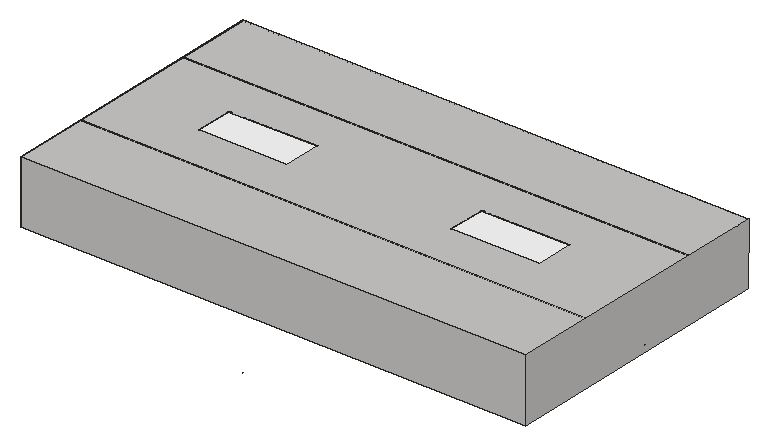
Revit family "QF_ELECTROLUXPROFESSIONAL_642047_EC2240T", category Specialty Equipment, Revit 2014
Reference planes
  plane 1: z = 0
  plane 2 "Center (Left/Right)": x = 150
  plane 3 "LEFT": x = -1850
  plane 4 "RIGHT": x = 2150
  plane 5 "BACK": y = 550
  plane 6 "TOP": z = 2500
  plane 7 "Base": z = 2000
  plane 8: z = 1946
  plane 9: x = -1847
  plane 10 "DrainX": x = 1999
  plane 11 "AOLeft2": x = -500
  plane 12 "AORight1": x = 800
  plane 13: x = 2147
  plane 14: x = -1650
  plane 15: x = 1950
  plane 16: x = 50
  plane 17: x = 250
  plane 18 "AOLeft1": x = -1200
  plane 19 "AORight2": x = 1500
  plane 20: y = -400
  plane 21: through (0, -127.846, 2402.468) normal (0, -0.753, 0.6581)
  plane 22: through (0, -972.152, 2402.468) normal (0, -0.753, -0.6581)
  plane 23: y = -700
  plane 24 "Center (Front/Back)": y = -550
  plane 25: y = -1650
Forms (mm)
  Extrusion 1, solid, material "QF_Finishes_Stainless Steel"
    sketch origin (-1850, 0, 360) x (0, 1, 0) y (0, 0, 1)
      loop
        line (550, 1640) -> (550, 2140) -> (-1650, 2140) -> (-1650, 1640) -> (550, 1640)
    from 0 to 3
  Extrusion 2, solid, material "QF_Finishes_Stainless Steel"
    sketch origin (2150, 0, 360) x (0, 1, 0) y (0, 0, 1)
      loop
        line (550, 1640) -> (550, 2140) -> (-1650, 2140) -> (-1650, 1640) -> (550, 1640)
    from 0 to -3
  Extrusion 3, solid, material "QF_Finishes_Stainless Steel"
    sketch origin (150, 0, 360) x (0, 1, 0) y (0, 0, 1)
      loop
        line (-1650, 2140) -> (-1650, 1640) -> (-1640, 1640) -> (-1640, 1640.8) -> (-1649.2, 1640.8) -> (-1649.2, 2139.19) -> (549.2, 2139.19) -> (549.2, 1640.8) -> (540, 1640.8) -> (540, 1640) -> (550, 1640) -> (550, 2140) -> (-1650, 2140)
    from -2000 to 2000
  Extrusion 4, void
    sketch origin (0, 0, 2500) x (0, 1, 0) y (-1, 0, 0)
      loop
        line (-400, 500) -> (-400, 1200) -> (-700, 1200) -> (-700, 500) -> (-400, 500)
    from 0 to -10
  Extrusion 5, solid, material "QF_Finishes_Stainless Steel"
    sketch origin (0, 0, 0) x (1, 0, 0) y (0, 1, 0)
      loop
        line (-1850, 550) -> (-1850, 549) -> (-1849, 549) -> (-1849, 550) -> (-1850, 550)
    from 0 to 1
  Extrusion 6, solid, material "QF_Finishes_Stainless Steel"
    sketch origin (150, -400, 360) x (0, 1, 0) y (0, 0, 1)
      loop
        line (-79.471, 1685.734) -> (-56.882, 1665.992) -> (272.154, 2042.468) -> (249.566, 2062.21) -> (-79.471, 1685.734)
      loop
        line (-572.152, 2042.468) -> (-243.115, 1665.992) -> (-220.526, 1685.734) -> (-549.563, 2062.21) -> (-572.152, 2042.468)
    from -1800 to -1997
  Extrusion 7, solid, material "QF_Finishes_Stainless Steel"
    sketch origin (150, -400, 360) x (0, 1, 0) y (0, 0, 1)
      loop
        line (360.354, 2141.454) -> (357.903, 2143.511) -> (264.331, 2031.996) -> (266.169, 2030.453) -> (357.41, 2139.19) -> (358.454, 2139.19) -> (360.354, 2141.454)
      loop
        line (-560.354, 2022.279) -> (-557.903, 2024.336) -> (-564.331, 2031.996) -> (-566.169, 2030.453) -> (-657.41, 2139.19) -> (-658.454, 2139.19) -> (-560.354, 2022.279)
      loop
        arc (-83.944, 1704.554) -> (-84.545, 1704.706) -> (-85.077, 1704.389) r 0.81
        line (-85.077, 1704.389) -> (-99.535, 1684.991) -> (-116.611, 1687.002) -> (-113.609, 1712.615) -> (-114.407, 1712.708) -> (-117.406, 1687.095)
        arc (-117.406, 1687.095) -> (-117.237, 1686.499) -> (-116.695, 1686.197) r 0.81
        line (-116.695, 1686.197) -> (-99.628, 1684.196)
        arc (-99.628, 1684.196) -> (-99.213, 1684.257) -> (-98.884, 1684.517) r 0.81
        line (-98.884, 1684.517) -> (-84.436, 1703.911) -> (-73.692, 1695.919) -> (-99.855, 1660.79) -> (-200.145, 1660.79) -> (-226.308, 1695.919) -> (-215.564, 1703.911) -> (-201.116, 1684.517)
        arc (-201.116, 1684.517) -> (-200.787, 1684.257) -> (-200.372, 1684.196) r 0.81
        line (-200.372, 1684.196) -> (-183.305, 1686.197)
        arc (-183.305, 1686.197) -> (-182.763, 1686.499) -> (-182.594, 1687.095) r 0.81
        line (-182.594, 1687.095) -> (-185.593, 1712.708) -> (-186.391, 1712.615) -> (-183.389, 1687.002) -> (-200.465, 1684.991) -> (-214.923, 1704.389)
        arc (-214.923, 1704.389) -> (-215.455, 1704.706) -> (-216.056, 1704.554) r 0.81
        line (-216.056, 1704.554) -> (-226.786, 1696.561)
        arc (-226.786, 1696.561) -> (-227.103, 1696.028) -> (-226.951, 1695.427) r 0.81
        line (-226.951, 1695.427) -> (-200.843, 1660.381)
        arc (-200.843, 1660.381) -> (-200.5, 1660.093) -> (-200.063, 1659.99) r 0.972
        line (-200.063, 1659.99) -> (-99.951, 1659.99)
        arc (-99.951, 1659.99) -> (-99.502, 1660.096) -> (-99.149, 1660.393) r 1
        line (-99.149, 1660.393) -> (-73.049, 1695.427)
        arc (-73.049, 1695.427) -> (-72.897, 1696.028) -> (-73.214, 1696.561) r 0.81
        line (-73.214, 1696.561) -> (-83.944, 1704.554)
    from -1997 to 1997
  Extrusion 8, solid, material "QF_Finishes_Stainless Steel"
    sketch origin (150, -400, 360) x (0, 1, 0) y (0, 0, 1)
      loop
        line (272.154, 2042.468) -> (249.566, 2062.21) -> (-79.471, 1685.734) -> (-56.882, 1665.992) -> (272.154, 2042.468)
      loop
        line (-572.154, 2042.468) -> (-243.118, 1665.992) -> (-220.529, 1685.734) -> (-549.566, 2062.21) -> (-572.154, 2042.468)
    from 1997 to 1800
  Extrusion 9, solid, material "QF_Finishes_Stainless Steel"
    sketch origin (150, -400, 360) x (0, 1, 0) y (0, 0, 1)
      loop
        line (272.154, 2042.468) -> (249.566, 2062.21) -> (-79.471, 1685.734) -> (-56.882, 1665.992) -> (272.154, 2042.468)
      loop
        line (-572.154, 2042.468) -> (-243.118, 1665.992) -> (-220.529, 1685.734) -> (-549.566, 2062.21) -> (-572.154, 2042.468)
    from -100 to 100
  Extrusion 10, solid, material "QF_Finished_Chrome"
    sketch origin (150, -400, 360) x (0, 1, 0) y (0, 0, 1)
      loop
        line (249.566, 2062.21) -> (-79.471, 1685.734) -> (-56.882, 1665.992) -> (272.154, 2042.468) -> (249.566, 2062.21)
      loop
        line (-549.566, 2062.21) -> (-572.154, 2042.468) -> (-243.118, 1665.992) -> (-220.529, 1685.734) -> (-549.566, 2062.21)
    from -1800 to -100
  Extrusion 11, solid, material "QF_Finished_Chrome"
    sketch origin (150, -400, 360) x (0, 1, 0) y (0, 0, 1)
      loop
        line (272.154, 2042.468) -> (249.566, 2062.21) -> (-79.471, 1685.734) -> (-56.882, 1665.992) -> (272.154, 2042.468)
      loop
        line (-572.154, 2042.468) -> (-243.118, 1665.992) -> (-220.529, 1685.734) -> (-549.566, 2062.21) -> (-572.154, 2042.468)
    from 100 to 1800
  Sweep 12, solid, material "QF_Finishes_Stainless Steel"
    path origin (0, 0, 0) x (1, 0, 0) y (0, 1, 0)
      loop
        line (2150, 550) -> (-1850, 550) -> (-1850, -1650) -> (2150, -1650) -> (2150, 550)
    profile origin (2150, -550, 0) x (1, 0, 0) y (0, 0, 1)
      loop
        line (-3, 2000) -> (-3, 2000.8) -> (-19, 2000.8) -> (-19, 2010) -> (-20, 2010) -> (-20, 2000) -> (-3, 2000)
  Extrusion 13, void
    sketch origin (0, 0, 2500) x (0, 1, 0) y (-1, 0, 0)
      loop
        line (-400, -1500) -> (-400, -800) -> (-700, -800) -> (-700, -1500) -> (-400, -1500)
    from 0 to -10
  Extrusion 14, solid, material "QF_Finishes_Stainless Steel"
    sketch origin (1999, 0, 0) x (0, 1, 0) y (0, 0, 1)
      loop
        arc (-518.5, 1946) -> (-511.429, 1948.929) -> (-508.5, 1956) r 10
        line (-508.5, 1956) -> (-508.5, 2000.8) -> (-591.5, 2000.8) -> (-591.5, 1956)
        arc (-591.5, 1956) -> (-588.571, 1948.929) -> (-581.5, 1946) r 10
        line (-581.5, 1946) -> (-518.5, 1946)
    from -90 to 90
  Extrusion 15, solid, material "QF_Finishes_Stainless Steel"
    sketch origin (0, -1100, 2000) x (0, 1, 0) y (-1, 0, 0)
      loop
        circle (550, -1999) r 6.35
    from -3.799 to 0
Cuts and joins
  Extrusion 4, Extrusion 13 cuts Extrusion 3
  joined: Extrusion 2, Extrusion 3, Sweep 12
Lines and regions (mm)
  symbolic lines, style "SpecialityEquipment", detail levels coarse
    curve 1: line (2150, 550, 2500) -> (-1850, 550, 2500)
    curve 2: line (-1850, 550, 2500) -> (-1850, -1640, 2500)
    curve 3: line (2150, -1650, 2500) -> (2150, 550, 2500)
    curve 4: line (-1850, 550, 0) -> (2150, -1650, 0)
    curve 5: line (2150, 550, 0) -> (-1847, -1650, 0)
  symbolic lines, detail levels coarse
    curve 6: line (-1847, -1650, 0) -> (2150, -1650, 0)
    curve 7: line (-1200, -700, 0) -> (-500, -700, 0)
    curve 8: line (-1200, -400, 0) -> (-1200, -700, 0)
    curve 9: line (-500, -400, 0) -> (-1200, -400, 0)
    curve 10: line (-500, -700, 0) -> (-500, -400, 0)
    curve 11: line (800, -400, 0) -> (800, -700, 0)
    curve 12: line (1500, -400, 0) -> (800, -400, 0)
    curve 13: line (1500, -700, 0) -> (1500, -400, 0)
    curve 14: line (800, -700, 0) -> (1500, -700, 0)
Dimensions and locks
  plane 3 "LEFT" to plane 4 "RIGHT" = 4000 mm
  equal spacing: plane 3 "LEFT", plane 2 "Center (Left/Right)", plane 4 "RIGHT"
  plane 3 "LEFT" to plane 9 = 3 mm
  plane 10 "DrainX" to plane 4 "RIGHT" = 151 mm
  plane 13 to plane 4 "RIGHT" = 3 mm
  plane 3 "LEFT" to plane 14 = 200 mm
  plane 15 to plane 4 "RIGHT" = 200 mm
  locked: plane 11 "AOLeft2" to plane 12 "AORight1" at 1300
  equal spacing: plane 11 "AOLeft2", plane 2 "Center (Left/Right)", plane 12 "AORight1"
  locked: plane 7 "Base" to level at 2000
  locked: plane 16 to plane 17 at 200
  equal spacing: plane 16, plane 2 "Center (Left/Right)", plane 17
  plane 18 "AOLeft1" to plane 11 "AOLeft2" = 700 mm
  plane 12 "AORight1" to plane 19 "AORight2" = 700 mm
  plane 7 "Base" to plane 8 = 54 mm
  locked: plane 6 "TOP" to plane 7 "Base" at 500
  plane 5 "BACK" to plane 25 = 2200 mm  (x2)
  equal spacing: plane 5 "BACK", plane 24 "Center (Front/Back)", plane 25
  plane 23 to plane 20 = 300 mm
  equal spacing: plane 23, plane 24 "Center (Front/Back)", plane 20
  aligned and locked: level to plane 1
  aligned and locked: plane 4 "RIGHT" to Extrusion 3
  aligned and locked: Extrusion 3 to plane 3 "LEFT"
  aligned and locked: Extrusion 6 to plane 9
  aligned and locked: plane 14 to Extrusion 6
  aligned and locked: Extrusion 2 to plane 13
  aligned and locked: plane 13 to Extrusion 8
  aligned and locked: plane 15 to Extrusion 8
  aligned and locked: plane 17 to Extrusion 9
  aligned and locked: Extrusion 9 to plane 16
  aligned and locked: plane 16 to Extrusion 10
  aligned and locked: Extrusion 10 to plane 14
  aligned and locked: Extrusion 11 to plane 17
  aligned and locked: Extrusion 11 to plane 15
  aligned and locked: Extrusion 7 to plane 9
  aligned and locked: Extrusion 7 to plane 13
  aligned and locked: Extrusion 4 to plane 18 "AOLeft1"
  aligned and locked: Extrusion 4 to plane 11 "AOLeft2"
  aligned and locked: plane 12 "AORight1" to Extrusion 13
  aligned and locked: plane 19 "AORight2" to Extrusion 13
  aligned and locked: plane 23 to Extrusion 13
  aligned and locked: plane 23 to Extrusion 4
  aligned and locked: plane 20 to Extrusion 13
  aligned and locked: plane 20 to Extrusion 4
  aligned and locked: curve 7 to Extrusion 4
  aligned and locked: curve 8 to Extrusion 4
  aligned and locked: curve 9 to Extrusion 4
  aligned and locked: curve 10 to Extrusion 4
  aligned and locked: curve 11 to Extrusion 13
  aligned and locked: curve 12 to Extrusion 13
  aligned and locked: curve 13 to Extrusion 13
  aligned and locked: curve 14 to Extrusion 13
Automatic sketch dimensions
  Extrusion 1 sketch curve to plane 7 "Base" = 0 mm
  Extrusion 1 sketch curve to plane 5 "BACK" = 0 mm
  Extrusion 1 sketch curve to plane 6 "TOP" = 0 mm
  Extrusion 2 sketch curve to plane 7 "Base" = 0 mm
  Extrusion 2 sketch curve to plane 5 "BACK" = 0 mm
  Extrusion 2 sketch curve to plane 6 "TOP" = 0 mm
  Extrusion 3 sketch curve to plane 6 "TOP" = 0 mm
  Extrusion 3 sketch curve to plane 7 "Base" = 0 mm  (x2)
  Extrusion 3 sketch curve to plane 5 "BACK" = 0 mm
  Extrusion 3 sketch curve to Extrusion 3 sketch curve = 9.2 mm
  plane 7 "Base" to Extrusion 3 sketch curve = 0.8 mm  (x2)
  Extrusion 3 sketch curve to plane 5 "BACK" = 10 mm
  Extrusion 3 sketch curve to plane 5 "BACK" = 0.8 mm
  Extrusion 3 sketch curve to plane 6 "TOP" = 0.81 mm
  Extrusion 4 sketch curve to plane 11 "AOLeft2" = 0 mm
  Extrusion 4 sketch curve to plane 18 "AOLeft1" = 0 mm
  Extrusion 5 sketch curve to plane 3 "LEFT" = 0 mm
  Extrusion 5 sketch curve to plane 5 "BACK" = 0 mm
  plane 3 "LEFT" to Extrusion 5 sketch curve = 1 mm
  Extrusion 5 sketch curve to Extrusion 5 sketch curve = 1 mm
  Sweep 12 sketch curve to plane 3 "LEFT" = 0 mm
  Sweep 12 sketch curve to plane 4 "RIGHT" = 0 mm
  Sweep 12 sketch curve to plane 5 "BACK" = 0 mm
  profile plane to Sweep 12 sketch curve = 20 mm
  Sweep 12 sketch curve to Sweep 12 sketch curve = 1 mm
  profile plane to Sweep 12 sketch curve = 3 mm
  level to Sweep 12 sketch curve = 2000 mm
  Sweep 12 sketch curve to Sweep 12 sketch curve = 0.8 mm
  Sweep 12 sketch curve to Sweep 12 sketch curve = 9.2 mm
  Extrusion 13 sketch curve to plane 11 "AOLeft2" = 2000 mm
  plane 18 "AOLeft1" to Extrusion 13 sketch curve = 2000 mm
  Extrusion 13 sketch curve to Extrusion 13 sketch curve = 300 mm
  Extrusion 3 sketch curve to Extrusion 3 sketch curve = 0.8 mm
  Extrusion 6 sketch curve to plane 21 = 0 mm  (x2)
  Extrusion 6 sketch curve to plane 6 "TOP" = 77.79 mm  (x2)
  plane 7 "Base" to Extrusion 6 sketch curve = 25.992 mm  (x2)
  plane 7 "Base" to Extrusion 6 sketch curve = 45.734 mm
  Extrusion 6 sketch curve to plane 22 = 0 mm
  plane 22 to Extrusion 6 sketch curve = 0 mm
  Extrusion 10 sketch curve to plane 21 = 0 mm  (x2)
  Extrusion 10 sketch curve to plane 6 "TOP" = 77.79 mm  (x2)
  Extrusion 10 sketch curve to Extrusion 10 sketch curve = 22.589 mm
  plane 7 "Base" to Extrusion 10 sketch curve = 25.992 mm  (x2)
  Extrusion 9 sketch curve to plane 21 = 0 mm  (x2)
  Extrusion 9 sketch curve to plane 6 "TOP" = 77.79 mm  (x2)
  Extrusion 9 sketch curve to Extrusion 9 sketch curve = 22.589 mm
  plane 7 "Base" to Extrusion 9 sketch curve = 25.992 mm  (x2)
  Extrusion 11 sketch curve to plane 21 = 0 mm  (x2)
  Extrusion 11 sketch curve to plane 6 "TOP" = 77.79 mm  (x2)
  Extrusion 11 sketch curve to Extrusion 11 sketch curve = 22.589 mm
  plane 7 "Base" to Extrusion 11 sketch curve = 25.992 mm  (x2)
  Extrusion 8 sketch curve to plane 21 = 0 mm  (x2)
  Extrusion 8 sketch curve to plane 6 "TOP" = 77.79 mm  (x2)
  Extrusion 8 sketch curve to Extrusion 8 sketch curve = 22.589 mm
  plane 7 "Base" to Extrusion 8 sketch curve = 25.992 mm  (x2)
  plane 7 "Base" to Extrusion 8 sketch curve = 45.734 mm
  plane 7 "Base" to Extrusion 9 sketch curve = 45.734 mm
  plane 7 "Base" to Extrusion 10 sketch curve = 45.734 mm
  plane 7 "Base" to Extrusion 11 sketch curve = 45.734 mm
  Extrusion 13 sketch curve to plane 20 = 0 mm
  plane 23 to Extrusion 1 sketch curve = 950 mm
  plane 23 to Extrusion 2 sketch curve = 950 mm
  plane 23 to Extrusion 3 sketch curve = 940 mm
  plane 23 to Sweep 12 sketch curve = 950 mm
  plane 23 to Extrusion 4 sketch curve = 0 mm
  Extrusion 4 sketch curve to plane 20 = 0 mm
  plane 23 to Extrusion 6 sketch curve = 249.563 mm
  Extrusion 8 sketch curve to plane 23 = 79.471 mm
  plane 23 to Extrusion 8 sketch curve = 249.566 mm
  Extrusion 9 sketch curve to plane 23 = 79.471 mm
  plane 23 to Extrusion 9 sketch curve = 249.566 mm
  Extrusion 10 sketch curve to plane 23 = 79.471 mm
  plane 23 to Extrusion 10 sketch curve = 249.566 mm
  Extrusion 11 sketch curve to plane 23 = 79.471 mm
  plane 23 to Extrusion 11 sketch curve = 249.566 mm
  Extrusion 15 sketch curve to plane 10 "DrainX" = 0 mm
  Extrusion 15 sketch curve to plane 24 "Center (Front/Back)" = 0 mm
  Extrusion 14 sketch curve to plane 8 = 0 mm
  plane 8 to Extrusion 14 sketch curve = 10 mm
  Extrusion 14 sketch curve to plane 24 "Center (Front/Back)" = 41.5 mm
  plane 24 "Center (Front/Back)" to Extrusion 14 sketch curve = 31.5 mm
  plane 7 "Base" to Extrusion 14 sketch curve = 0.8 mm
  plane 24 "Center (Front/Back)" to Extrusion 14 sketch curve = 41.5 mm
  Extrusion 7 sketch curve to plane 6 "TOP" = 0.81 mm  (x2)
  plane 23 to Extrusion 7 sketch curve = 358.454 mm
  Extrusion 7 sketch curve to Extrusion 7 sketch curve = 1.044 mm  (x2)
  Extrusion 7 sketch curve to plane 6 "TOP" = 109.547 mm  (x2)
  Extrusion 7 sketch curve to Extrusion 7 sketch curve = 91.241 mm
  Extrusion 7 sketch curve to plane 6 "TOP" = 108.004 mm  (x2)
  Extrusion 7 sketch curve to plane 6 "TOP" = 117.721 mm
  Extrusion 7 sketch curve to plane 23 = 73.049 mm
  Extrusion 7 sketch curve to Extrusion 7 sketch curve = 0.166 mm
  Extrusion 7 sketch curve to Extrusion 7 sketch curve = 0.478 mm  (x4)
  Extrusion 7 sketch curve to Extrusion 7 sketch curve = 0.006 mm  (x4)
  Extrusion 7 sketch curve to Extrusion 7 sketch curve = 10.73 mm  (x2)
  Extrusion 7 sketch curve to Extrusion 7 sketch curve = 0.484 mm  (x4)
  Extrusion 7 sketch curve to Extrusion 7 sketch curve = 0.008 mm  (x4)
  Extrusion 7 sketch curve to Extrusion 7 sketch curve = 0.641 mm  (x2)
  Extrusion 7 sketch curve to Extrusion 7 sketch curve = 14.448 mm
  plane 7 "Base" to Extrusion 7 sketch curve = 20.381 mm
  Extrusion 7 sketch curve to Extrusion 7 sketch curve = 0.273 mm
  Extrusion 7 sketch curve to Extrusion 7 sketch curve = 0.65 mm  (x2)
  Extrusion 7 sketch curve to Extrusion 7 sketch curve = 0.001 mm  (x4)
  Extrusion 7 sketch curve to Extrusion 7 sketch curve = 0.093 mm  (x2)
  plane 7 "Base" to Extrusion 7 sketch curve = 20.79 mm
  Extrusion 7 sketch curve to Extrusion 7 sketch curve = 0.698 mm
  Extrusion 7 sketch curve to Extrusion 7 sketch curve = 0.081 mm
  Extrusion 7 sketch curve to Extrusion 7 sketch curve = 28.531 mm
  Extrusion 7 sketch curve to Extrusion 7 sketch curve = 0.799 mm  (x2)
  Extrusion 7 sketch curve to Extrusion 7 sketch curve = 17.067 mm  (x2)
  Extrusion 7 sketch curve to Extrusion 7 sketch curve = 0.01 mm  (x4)
  Extrusion 7 sketch curve to Extrusion 7 sketch curve = 0.094 mm
  Extrusion 7 sketch curve to Extrusion 7 sketch curve = 0.795 mm  (x2)
  plane 24 "Center (Front/Back)" to Extrusion 7 sketch curve = 32.594 mm
  Extrusion 7 sketch curve to Extrusion 7 sketch curve = 0.71 mm
  Extrusion 7 sketch curve to Extrusion 7 sketch curve = 2.998 mm
  Extrusion 7 sketch curve to Extrusion 7 sketch curve = 16.745 mm
  Extrusion 7 sketch curve to Extrusion 7 sketch curve = 0.095 mm
  plane 7 "Base" to Extrusion 7 sketch curve = 20.393 mm
  Extrusion 7 sketch curve to Extrusion 7 sketch curve = 0.707 mm
  Extrusion 7 sketch curve to Extrusion 7 sketch curve = 0.651 mm
  Extrusion 7 sketch curve to Extrusion 7 sketch curve = 14.456 mm
  plane 20 to Extrusion 7 sketch curve = 264.331 mm
  plane 6 "TOP" to Extrusion 7 sketch curve = 3.511 mm
  Extrusion 7 sketch curve to Extrusion 7 sketch curve = 0.8 mm
  Extrusion 7 sketch curve to Extrusion 7 sketch curve = 23.206 mm
  Extrusion 7 sketch curve to Extrusion 7 sketch curve = 23.234 mm
  Extrusion 7 sketch curve to Extrusion 7 sketch curve = 0.321 mm  (x2)
  Extrusion 7 sketch curve to Extrusion 7 sketch curve = 2.001 mm  (x2)
  Extrusion 7 sketch curve to Extrusion 7 sketch curve = 0.804 mm  (x2)
  Extrusion 7 sketch curve to Extrusion 7 sketch curve = 10.911 mm  (x2)
  Extrusion 7 sketch curve to Extrusion 7 sketch curve = 7.993 mm  (x2)
  Extrusion 7 sketch curve to Extrusion 7 sketch curve = 25.613 mm  (x2)
  Extrusion 7 sketch curve to Extrusion 7 sketch curve = 1.839 mm
  curve 4 to plane 3 "LEFT" = 0 mm
  curve 6 to plane 9 = 0 mm
  curve 6 to plane 4 "RIGHT" = 0 mm
  curve 5 to plane 4 "RIGHT" = 0 mm
  curve 4 to plane 25 = 0 mm
  curve 4 to plane 5 "BACK" = 0 mm
  curve 5 to plane 5 "BACK" = 0 mm
  curve 3 to plane 4 "RIGHT" = 0 mm
  curve 3 to plane 25 = 0 mm
  curve 2 to plane 3 "LEFT" = 0 mm
  curve 2 to plane 5 "BACK" = 0 mm
  plane 25 to curve 2 = 10 mm
  radius of Extrusion 15 sketch curve = 6.35 mm
Connectors
  hvac at (-850, -550, 2500)
    settings: on Extrusion 4, index 2, duct flow 0.0 L/s, flow factor 0, pres drop 0.0 Pa, loss coef 0, conn angle 0.00°, conn width 300 mm, conn height 700 mm, conn diameter 609.6 mm, duct sys type 3, conn prof type 1, flow config 1, flow direction 2, loss method 0, conn ref index -1, conn util no, is conn primary yes, conn desc "EXHAUST OUTLET"
  hvac at (1150, -550, 2500)
    settings: on Extrusion 13, index 3, duct flow 0.0 L/s, flow factor 0, pres drop 0.0 Pa, loss coef 0, conn angle 0.00°, conn width 300 mm, conn height 700 mm, conn diameter 609.6 mm, duct sys type 3, conn prof type 1, flow config 1, flow direction 2, loss method 0, conn ref index -1, conn util no, is conn primary no, conn desc "EXHAUST OUTLET"
  piping at (1999, -550, 1996.201), diameter 12.7
    settings: on Extrusion 15, index 4, connector inside diameter 609.6 mm, connector length 0 mm, flow factor 0, pipe flow 0.0 L/s, pressure drop 0.0 Pa, fitting loss kfactor 0, connector angle 0.00°, fixture units 0, engagement length 0 mm, angle of deflection 0.00°, flow configuration 1, flow direction 2, fitting loss method 0, system type 16, joint type 0, gender type 0, connector reference index -1, connector utility 0, adjustable connector no, is connector primary yes, connector description "Drain"
